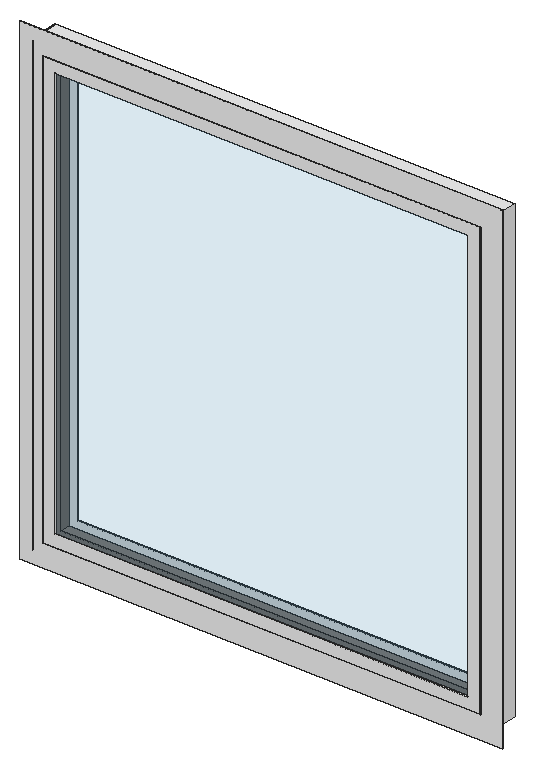
Revit family "Casement_38_I_Top_Hung_Custom", category Windows, host Wall, Revit 2014
Parameters (values of type "Casement_Sash_DG")
  Width Sash [instance] = 30 mm
  Width Sash Inner = 15 mm
  Width Bead = 15 mm
  Top Hung [instance] = yes
  Side Hung Right [instance] = yes
  Side Hung Left [instance] = yes
  Sash Opening Width [instance] = 600 mm
  Sash Opening Height [instance] = 600.312 mm
  Sash Lip = 15 mm
  Glazing Material [instance] = Glass
  DG Start Piece 2 [instance] = DG End Piece 1 + DG Gasket Thickness  # 25 mm
  DG Start Peice 1 [instance] = (Depth Sash - (2 * DG Glazing Thickness) - DG Gasket Thickness) / 2  # 6.6 mm
  Glazing Offset = 5 mm
  DG Glazing Thickness [instance] = 6.4 mm
  DG Gasket Thickness = 12 mm  # constant formula
  DG Gasket Material [instance] = Double Glazing Gasket Material
  DG End Piece 2 [instance] = DG Start Piece 2 + DG Glazing Thickness  # 31.4 mm
  DG End Piece 1 [instance] = DG Start Peice 1 + DG Glazing Thickness  # 13 mm
  Depth Sash [instance] = 38 mm
  Center Vertical Sash [instance] = Sash Opening Height / 2  # 300.156 mm
  Center Horizontal Sash [instance] = Sash Opening Width / 2  # 300 mm
  Bottom Hung [instance] = yes
  Bead Offset = 15 mm
  Aluminium Thickness = 1 mm
  Aluminium Material [instance] = White Powder Coated Aluminium
Reference planes
  plane 1 "Center (Front/Back)": y = 0
  plane 2: z = 0
  plane 3 "Center (Left/Right)": x = 0
Forms (mm)
  Sweep 1, solid, material "White Powder Coated Aluminium" <- "Aluminium Material"
    path origin (16.177, 0, 121.331) x (1, 0, 0) y (0, 0, 1)
      loop
        line (0, 0) -> (600, 0) -> (600, 600.312) -> (0, 600.312) -> (0, 0)
    profile origin (316.177, 0, 121.331) x (0, 0, 1) y (0, -1, 0)
      loop
        line (0, 0) -> (30, 0) -> (30, 1) -> (15, 1) -> (15, 38) -> (-15, 38) -> (-15, 37) -> (0, 37) -> (0, 0)
      loop
        line (14, 1) -> (14, 37) -> (1, 37) -> (1, 1) -> (14, 1)
  Sweep 2, solid, material "White Powder Coated Aluminium" <- "Aluminium Material"
    path origin (0, 0, 0) x (1, 0, 0) y (0, 0, 1)
      loop
        line (31.177, 706.643) -> (31.177, 136.331) -> (601.177, 136.331) -> (601.177, 706.643) -> (31.177, 706.643)
    profile origin (316.177, 0, 706.643) x (0, 0, 1) y (0, -1, 0)
      loop
        line (0, 37) -> (0, 38) -> (-15, 38) -> (-15, 37) -> (0, 37)
  Extrusion 3, solid, material "Glass" <- "Glazing Material"
    sketch origin (0, 0, 0) x (1, 0, 0) y (0, 0, 1)
      loop
        line (36.177, 701.643) -> (36.177, 141.331) -> (596.177, 141.331) -> (596.177, 701.643) -> (36.177, 701.643)
    from 6.6 <- "DG Start Peice 1" to 13 <- "DG End Piece 1"
  Extrusion 4, solid, material "Glass" <- "Glazing Material"
    sketch origin (0, 0, 0) x (1, 0, 0) y (0, 0, 1)
      loop
        line (36.177, 701.643) -> (36.177, 141.331) -> (596.177, 141.331) -> (596.177, 701.643) -> (36.177, 701.643)
    from 31.4 <- "DG End Piece 2" to 25 <- "DG Start Piece 2"
  Sweep 5, solid, material "Double Glazing Gasket Material" <- "DG Gasket Material"
    path origin (0, -13, 0) x (1, 0, 0) y (0, 0, 1)
      loop
        line (36.177, 701.643) -> (36.177, 141.331) -> (596.177, 141.331) -> (596.177, 701.643) -> (36.177, 701.643)
    profile origin (316.177, -13, 701.643) x (0, 0, 1) y (0, -1, 0)
      loop
        line (0, 0) -> (0, 12) -> (-7.96, 12) -> (-7.96, 0) -> (0, 0)
Lines and regions (mm)
  model lines
    curve 1: line (1.177, -38, 736.643) -> (31.177, -38, 706.643)
    curve 2: line (601.177, -38, 706.643) -> (631.177, -38, 736.643)
    curve 3: line (601.177, -38, 136.331) -> (631.177, -38, 106.331)
    curve 4: line (1.177, -38, 106.331) -> (31.177, -38, 136.331)
    curve 5: line (631.177, -37, 736.643) -> (616.177, -37, 721.643)
    curve 6: line (1.177, -37, 736.643) -> (16.177, -37, 721.643)
    curve 7: line (1.177, -37, 106.331) -> (16.177, -37, 121.331)
    curve 8: line (631.177, -37, 106.331) -> (616.177, -37, 121.331)
    curve 9: line (616.177, 0, 121.331) -> (586.177, 0, 151.331)
    curve 10: line (46.177, 0, 151.331) -> (16.177, 0, 121.331)
    curve 11: line (616.177, 0, 721.643) -> (586.177, 0, 691.643)
    curve 12: line (46.177, 0, 691.643) -> (16.177, 0, 721.643)
    curve 13: line (31.177, -38, 691.643) -> (46.177, -38, 691.643)
    curve 14: line (586.177, -38, 691.643) -> (601.177, -38, 691.643)
    curve 15: line (586.177, -38, 151.331) -> (601.177, -38, 151.331)
    curve 16: line (31.177, -38, 151.331) -> (46.177, -38, 151.331)
  model lines, style "GenericModelHiddenLines", visible <- "Top Hung"
    curve 17: line (46.386, -31.4, 690.914) -> (316.177, -31.4, 151.331)
    curve 18: line (316.177, -31.4, 151.331) -> (586.177, -31.4, 691.331)
  model lines, style "GenericModelHiddenLines", visible <- "Bottom Hung"
    curve 19: line (46.177, -31.4, 151.331) -> (316.177, -31.4, 691.331)
    curve 20: line (316.177, -31.4, 691.331) -> (586.177, -31.4, 151.331)
  model lines, style "GenericModelHiddenLines", visible <- "Side Hung Left"
    curve 21: line (46.386, -31.4, 690.914) -> (585.24, -31.4, 421.487)
    curve 22: line (585.24, -31.4, 421.487) -> (46.177, -31.4, 151.331)
  model lines, style "GenericModelHiddenLines", visible <- "Side Hung Right"
    curve 23: line (586.177, -31.4, 691.331) -> (46.177, -31.4, 421.487)
    curve 24: line (46.177, -31.4, 421.487) -> (586.177, -31.4, 151.331)
Dimensions and locks
  "Aluminium Thickness": Sweep 1 sketch curve to Sweep 1 sketch curve  (x4)
  "Depth Sash": Sweep 1 sketch curve to Sweep 1 sketch curve
  "Sash Opening Width": Sweep 1 to Sweep 1
  "Sash Opening Height": Sweep 1 to Sweep 1
  "Width Sash": Sweep 1 sketch curve to Sweep 1 sketch curve  (x2)
  "Width Sash Inner": Sweep 1 sketch curve to Sweep 1 sketch curve
  "Sash Lip": Sweep 1 sketch curve to Sweep 1 sketch curve
  "Aluminium Thickness": Sweep 1 to Sweep 2 sketch curve
  "Glazing Offset": Sweep 2 to Extrusion 3 sketch curve  (x3)
  "Glazing Offset": Extrusion 3 sketch curve to Sweep 2
  Sweep 1 to Sweep 1 = 1 mm
  "Aluminium Thickness": Sweep 2 sketch curve to Sweep 2 sketch curve
  "Width Bead": Sweep 2 sketch curve to Sweep 2 sketch curve
  locked: Sweep 5 sketch curve to Sweep 5 sketch curve at 7.96
  "Center Horizontal Sash": Sweep 1 to curve 18
  "Center Horizontal Sash": Sweep 1 to curve 20
  "Center Vertical Sash": Sweep 1 to curve 22
  "Center Vertical Sash": Sweep 1 to curve 24
  aligned and locked: level to plane 2
  aligned and locked: Sweep 1 sketch curve to Sweep 1 sketch curve  (x2)
  aligned and locked: Sweep 2 sketch curve to Sweep 1  (x5)
  aligned and locked: Extrusion 4 sketch curve to Extrusion 3  (x4)
  aligned and locked: Sweep 5 sketch curve to Extrusion 3  (x5)
  aligned and locked: Extrusion 3 to Sweep 5 sketch curve
Automatic sketch dimensions
  plane 3 "Center (Left/Right)" to Sweep 1 sketch curve = 16.177 mm
  level to Sweep 1 sketch curve = 121.331 mm
  plane 3 "Center (Left/Right)" to Sweep 1 sketch curve = 616.177 mm
  level to Sweep 1 sketch curve = 721.643 mm
  profile plane to Sweep 5 sketch curve = 12 mm
  curve 7 to Sweep 1 = 0 mm  (x4)
  curve 6 to Sweep 1 = 0 mm  (x3)
  Sweep 1 to curve 6 = 0 mm
  curve 5 to Sweep 1 = 0 mm  (x3)
  curve 8 to Sweep 1 = 0 mm  (x4)
  Sweep 1 to curve 5 = 0 mm
  curve 16 to Sweep 2 = 0 mm  (x3)
  curve 13 to Sweep 2 = 0 mm  (x3)
  curve 15 to Sweep 2 = 0 mm
  Sweep 2 to curve 15 = 0 mm  (x2)
  curve 14 to Sweep 2 = 0 mm  (x2)
  Sweep 2 to curve 14 = 0 mm
  curve 1 to Sweep 1 = 0 mm  (x4)
  curve 4 to Sweep 1 = 0 mm  (x3)
  Sweep 1 to curve 4 = 0 mm
  curve 3 to Sweep 1 = 0 mm  (x3)
  curve 2 to Sweep 1 = 0 mm  (x4)
  Sweep 1 to curve 3 = 0 mm
  curve 10 to Sweep 1 = 0 mm  (x4)
  curve 12 to Sweep 1 = 0 mm  (x3)
  Sweep 1 to curve 12 = 0 mm
  curve 9 to Sweep 1 = 0 mm  (x4)
  curve 11 to Sweep 1 = 0 mm  (x3)
  Sweep 1 to curve 11 = 0 mm
  Sweep 1 sketch curve to plane 1 "Center (Front/Back)" = 0 mm
  profile plane to Sweep 1 sketch curve = 0 mm
  curve 21 to Extrusion 4 = 10.208 mm
  curve 19 to Extrusion 4 = 10 mm
  curve 23 to Extrusion 4 = 10 mm  (x2)
  curve 22 to Extrusion 4 = 10.937 mm
  curve 20 to Extrusion 4 = 10 mm
  curve 24 to Extrusion 4 = 10 mm
  curve 22 to Extrusion 4 = 10 mm
  curve 18 to Extrusion 4 = 10 mm
  curve 21 to Extrusion 4 = 10.729 mm
  curve 19 to Extrusion 4 = 10.312 mm
  curve 18 to Extrusion 4 = 10.312 mm
